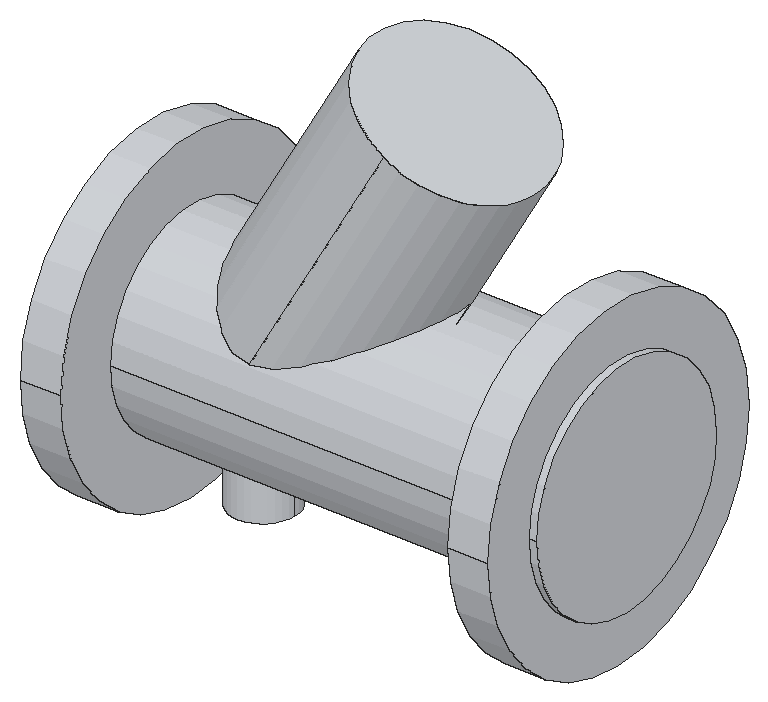
Revit family "HS 821-síto_jemné-PN40-DN100-RFA_2019", category Pipe Accessories, Revit 2019
Family settings
  Round Connector Dimension = Use Diameter
  Part Type = Breaks Into
  Work Plane-Based = No
  Always vertical = Yes
  Cut with Voids When Loaded = No
  Shared = No
Parameters (values of type "821F-DN100-PN40-síto_jemné")
  magiProductId = "8a45d4e8e2ab425f8c432f21d684f3"
  magiProductFamilyId = "79214ac3aaa945e397802f559f5c1e"
  magiPartTypeId = 307
  isMeasuringValve [instance] = no
  ang2D [instance] = 0.00°
  ZB__ve = -ZB  # -37.25 mm
  ZB1 = 65.61 mm
  ZB = 37.25 mm
  X2 = 114.857 mm
  X1 = 49 mm
  W2D = 15 mm
  VersionID = "2.0/2017.9.26.1/ZETKAMA_821_001"
  Use Minimum Symbol Size [instance] = yes
  URL = "www.hydronic.cz"
  Type Comments = "Filtr přírubový; síto jemné; A-PN16 (-10~300°C); D-PN25 (-10~350°C); F-PN40 (-10~400°C)"
  S = 162 mm
  QmdConnectorList = "301;D;302;D"
  Productdata [instance] = ""
  Manufacturer = "Hydronic Systems Prague s.r.o."
  MC Product Code = "250 690 (821F; DN100; PN40; kvs206,4; oko síta 0,63mm)"
  LM1 = 28 mm
  LM = 280 mm
  L4 = 87.5 mm
  L2D_Min = 3048 mm
  L2D = 130 mm
  L2 = 175 mm
  HH2 = 198.937 mm
  FD = 235 mm
  Description = "Filtr přírubový; síto jemné; 821A-PN16; 821D-PN25; 821F-PN40"
  DM1 = 131.4 mm
  DM = 145.8 mm
  D = 100 mm
  CC = 5.95 mm
  CAT0 = yes
  C1 = 29.05 mm
  C = 35 mm
  BD = 45.927 mm
Types (40, lengths in mm): name | magiProductId | ZB__ve | ZB1 | ZB | X2 | X1 | S | MC Product Code | LM1 | LM | L4 | L2 | HH2 | FD | DM1 | DM | D | CC | C1 | C | BD
  821A-DN015-PN16-síto_jemné | "a71bcfe8b393460598b23e8ddf7dc5" | -16.25 | 18.63 | 16.25 | 46.982 | 18.2 | 46 | "210 115 (821A; DN015; PN16; kvs6,2; oko síta 0,63mm)" | 10.4 | 104 | 32.5 | 65 | 81.375 | 95 | 27.6 | 41.4 | 15 | 2.21 | 10.79 | 13 | 13.041
  821A-DN020-PN16-síto_jemné | "41cd6c7a12924f4991217528336076" | -17.75 | 22.68 | 17.75 | 51.673 | 21 | 56 | "210 120 (821A; DN020; PN16; kvs9,6; oko síta 0,63mm)" | 12 | 120 | 37.5 | 75 | 89.5 | 105 | 33.6 | 50.4 | 20 | 2.55 | 12.45 | 15 | 15.876
  821A-DN025-PN16-síto_jemné | "be378b463ed14c3abf4c9b3ae8cf3a" | -19.25 | 26.325 | 19.25 | 58.601 | 22.4 | 65 | "210 125 (821A; DN025; PN16; kvs14,2; oko síta 0,63mm)" | 12.8 | 128 | 40 | 80 | 101.5 | 115 | 43.2 | 58.5 | 25 | 2.72 | 13.28 | 16 | 18.427
  821A-DN032-PN16-síto_jemné | "227a0d18b21540afabe8b6067d35fa" | -23 | 30.78 | 23 | 68.849 | 25.2 | 76 | "210 132 (821A; DN032; PN16; kvs23,1; oko síta 0,63mm)" | 14.4 | 144 | 45 | 90 | 119.25 | 140 | 50.4 | 68.4 | 32 | 3.06 | 14.94 | 18 | 21.546
  821A-DN040-PN16-síto_jemné | "d106917c74724141a10440112d0102" | -24.5 | 34.02 | 24.5 | 75.777 | 28 | 84 | "210 140 (821A; DN040; PN16; kvs36,6; oko síta 0,63mm)" | 16 | 160 | 50 | 100 | 131.25 | 150 | 60 | 75.6 | 40 | 3.4 | 16.6 | 20 | 23.814
  821A-DN050-PN16-síto_jemné | "8255d456a09e4f6486734f5dd9171b" | -26.75 | 40.095 | 26.75 | 79.061 | 32.2 | 99 | "210 150 (821A; DN050 PN16; kvs53,7; oko síta 0,63mm)" | 18.4 | 184 | 57.5 | 115 | 136.938 | 165 | 73.8 | 89.1 | 50 | 3.91 | 19.09 | 23 | 28.066
  821A-DN065-PN16-síto_jemné | "235b1b3e4c0843779a4d5e3716d40a" | -29.75 | 47.79 | 29.75 | 86.927 | 40.6 | 118 | "210 165 (821A; DN065; PN16; kvs95,1; oko síta 0,63mm)" | 23.2 | 232 | 72.5 | 145 | 150.562 | 185 | 94.2 | 106.2 | 65 | 4.93 | 24.07 | 29 | 33.453
  821A-DN080-PN16-síto_jemné | "a067f7c5236348ed8c820d16df7214" | -32 | 53.46 | 32 | 104.753 | 43.4 | 132 | "210 180 (821A; DN080; PN16; kvs137,1; oko síta 0,63mm)" | 24.8 | 248 | 77.5 | 155 | 181.438 | 200 | 107.4 | 118.8 | 80 | 5.27 | 25.73 | 31 | 37.422
  821A-DN100-PN16-síto_jemné | "c49a648c2747461285837d643703cd" | -35 | 63.18 | 35 | 114.857 | 49 | 156 | "210 190 (821A; DN100; PN16; kvs206,4; oko síta 0,63mm)" | 28 | 280 | 87.5 | 175 | 198.937 | 220 | 131.4 | 140.4 | 100 | 5.95 | 29.05 | 35 | 44.226
  821A-DN125-PN16-síto_jemné | "bf68e728a163493cbd2a663b26ebdc" | -39.5 | 74.52 | 39.5 | 131.888 | 56 | 184 | "210 191 (821A; DN125; PN16; kvs268,8; oko síta 0,63mm)" | 32 | 320 | 100 | 200 | 228.438 | 250 | 165 | 165.6 | 125 | 6.8 | 33.2 | 40 | 52.164
  821A-DN150-PN16-síto_jemné | "2de770284b654863ae6bc865769dc5" | -44.75 | 85.455 | 44.75 | 155.885 | 67.2 | 211 | "210 192 (821A; DN150; PN16; kvs401,4; oko síta 0,63mm)" | 38.4 | 384 | 120 | 240 | 270 | 285 | 192 | 189.9 | 150 | 8.16 | 39.84 | 48 | 59.818
  821A-DN200-PN16-síto_jemné | "8e5693371ab64aabb29a7f08c76e15" | -53 | 107.73 | 53 | 188.361 | 84 | 266 | "210 193 (821A; DN200; PN16; kvs706,7; oko síta 0,63mm)" | 48 | 480 | 150 | 300 | 326.25 | 340 | 252 | 239.4 | 200 | 10.2 | 49.8 | 60 | 75.411
  821A-DN250-PN16-síto_jemné | "05e37ed948c34047acdd4c42556504" | -62.75 | 129.195 | 62.75 | 255.911 | 102.2 | 319 | "210 194 (821A; DN250; PN16; kvs1229,4; oko síta 0,63mm)" | 58.4 | 584 | 182.5 | 365 | 443.25 | 405 | 309.6 | 287.1 | 250 | 12.41 | 60.59 | 73 | 90.436
  821A-DN300-PN16-síto_jemné | "9ad0af747269428da925480d83ce80" | -71 | 149.85 | 71 | 325.914 | 119 | 370 | "210 195 (821A; DN300; PN16; kvs1902,4; oko síta 0,63mm)" | 68 | 680 | 212.5 | 425 | 564.5 | 460 | 369.6 | 333 | 300 | 14.45 | 70.55 | 85 | 104.895
  821A-DN350-PN16-síto_jemné | "eebc71459bb3451bb4355e7951370a" | -80 | 173.745 | 80 | 356.875 | 137.2 | 429 | "200 196 (821A; DN350; PN16; kvs2611,0; oko síta 0,63mm)" | 78.4 | 784 | 245 | 490 | 618.125 | 520 | 438 | 386.1 | 350 | 16.66 | 81.34 | 98 | 121.621
  821A-DN400-PN16-síto_jemné | "d2f677cb196647e385b2590e7d8abe" | -89 | 194.4 | 89 | 392.237 | 154 | 480 | "210 197 (821A; DN400; PN16; kvs3438,4; oko síta 0,63mm)" | 88 | 880 | 275 | 550 | 679.375 | 580 | 498 | 432 | 400 | 18.7 | 91.3 | 110 | 136.08
  821D-DN015-PN25-síto_jemné | "27ddcbf555414f8ca1fde329bf9087" | -16.25 | 18.63 | 16.25 | 46.982 | 18.2 | 46 | "210 215 (821D; DN015; PN25; kvs6,2; oko síta 0,63mm)" | 10.4 | 104 | 32.5 | 65 | 81.375 | 95 | 27.6 | 41.4 | 15 | 2.21 | 10.79 | 13 | 13.041
  821D-DN020-PN25-síto_jemné | "270e0f14012f47189cd0235c18faee" | -17.75 | 22.68 | 17.75 | 51.673 | 21 | 56 | "210 220 (821D; DN020; PN25; kvs9,6; oko síta 0,63mm)" | 12 | 120 | 37.5 | 75 | 89.5 | 105 | 33.6 | 50.4 | 20 | 2.55 | 12.45 | 15 | 15.876
  821D-DN025-PN25-síto_jemné | "b9a7fb4aa36643878c637d8e1ab992" | -19.25 | 26.325 | 19.25 | 58.601 | 22.4 | 65 | "210 225 (821D; DN025; PN25; kvs14,2; oko síta 0,63mm)" | 12.8 | 128 | 40 | 80 | 101.5 | 115 | 43.2 | 58.5 | 25 | 2.72 | 13.28 | 16 | 18.427
  821D-DN032-PN25-síto_jemné | "6be9a55c4e68400f94eec7e804204c" | -23 | 30.78 | 23 | 68.849 | 25.2 | 76 | "210 232 (821D; DN032; PN25; kvs23,1; oko síta 0,63mm)" | 14.4 | 144 | 45 | 90 | 119.25 | 140 | 50.4 | 68.4 | 32 | 3.06 | 14.94 | 18 | 21.546
  821D-DN040-PN25-síto_jemné | "c54511bd7f584ec2984291479612cb" | -24.5 | 34.02 | 24.5 | 75.777 | 28 | 84 | "210 240 (821D; DN040; PN25; kvs36,6; oko síta 0,63mm)" | 16 | 160 | 50 | 100 | 131.25 | 150 | 60 | 75.6 | 40 | 3.4 | 16.6 | 20 | 23.814
  821D-DN050-PN25-síto_jemné | "5483b1f596b04cd39b23a14a22c90e" | -26.75 | 40.095 | 26.75 | 79.061 | 32.2 | 99 | "210 250 (821D; DN050; PN25; kvs53,7; oko síta 0,63mm)" | 18.4 | 184 | 57.5 | 115 | 136.938 | 165 | 73.8 | 89.1 | 50 | 3.91 | 19.09 | 23 | 28.066
  821D-DN065-PN25-síto_jemné | "767b0f8318e94750bc7a9930ed5b30" | -29.75 | 47.79 | 29.75 | 86.927 | 40.6 | 118 | "210 265 (821D; DN065; PN25; kvs95,1; oko síta 0,63mm)" | 23.2 | 232 | 72.5 | 145 | 150.562 | 185 | 94.2 | 106.2 | 65 | 4.93 | 24.07 | 29 | 33.453
  821D-DN080-PN25-síto_jemné | "e21040fa3cc2404b858198f6b73709" | -32 | 53.46 | 32 | 104.753 | 43.4 | 132 | "210 280 (821D; DN080; PN25; kvs137,1; oko síta 0,63mm)" | 24.8 | 248 | 77.5 | 155 | 181.438 | 200 | 107.4 | 118.8 | 80 | 5.27 | 25.73 | 31 | 37.422
  821D-DN100-PN25-síto_jemné | "175ca87a506b40b3bc6b82f12f33cf" | -37.25 | 63.18 | 37.25 | 114.857 | 49 | 156 | "210 290 (821D; DN100; PN25; kvs206,4; oko síta 0,63mm)" | 28 | 280 | 87.5 | 175 | 198.937 | 235 | 131.4 | 140.4 | 100 | 5.95 | 29.05 | 35 | 44.226
  821D-DN125-PN25-síto_jemné | "77cc98d60da24855999a22dff726b2" | -42.5 | 74.52 | 42.5 | 131.888 | 56 | 184 | "210 291 (821D; DN125; PN25; kvs268,8; oko síta 0,63mm)" | 32 | 320 | 100 | 200 | 228.438 | 270 | 165 | 165.6 | 125 | 6.8 | 33.2 | 40 | 52.164
  821D-DN150-PN25-síto_jemné | "9cf8acfcd15547d68e83172d3abcbe" | -47 | 85.455 | 47 | 155.885 | 67.2 | 211 | "210 292 (821D; DN150; PN25; kvs401,4; oko síta 0,63mm)" | 38.4 | 384 | 120 | 240 | 270 | 300 | 192 | 189.9 | 150 | 8.16 | 39.84 | 48 | 59.818
  821D-DN200-PN25-síto_jemné | "16973f3c9ea14389ba8602495a6b64" | -56 | 110.97 | 56 | 188.361 | 84 | 274 | "210 293 (821D; DN200; PN25; kvs706,7; oko síta 0,63mm)" | 48 | 480 | 150 | 300 | 326.25 | 360 | 252 | 246.6 | 200 | 10.2 | 49.8 | 60 | 77.679
  821F-DN015-PN40-síto_jemné | "4c7eaf3c4c0340888b3e684d8a8616" | -16.25 | 18.225 | 16.25 | 46.982 | 18.2 | 45 | "250 615 (821F; DN015; PN40; kvs6,2; oko síta 0,63mm)" | 10.4 | 104 | 32.5 | 65 | 81.375 | 95 | 27.6 | 40.5 | 15 | 2.21 | 10.79 | 13 | 12.757
  821F-DN020-PN40-síto_jemné | "aaac5f1ec96b44d6ba96ac2293d66d" | -17.75 | 23.49 | 17.75 | 51.673 | 21 | 58 | "250 620 (821F; DN020; PN40; kvs9,6; oko síta 0,63mm)" | 12 | 120 | 37.5 | 75 | 89.5 | 105 | 33.6 | 52.2 | 20 | 2.55 | 12.45 | 15 | 16.443
  821F-DN025-PN40-síto_jemné | "504768023968471481789485b54c7e" | -19.25 | 27.54 | 19.25 | 58.601 | 22.4 | 68 | "250 625 (821F; DN025; PN40; kvs14,2; oko síta 0,63mm)" | 12.8 | 128 | 40 | 80 | 101.5 | 115 | 43.2 | 61.2 | 25 | 2.72 | 13.28 | 16 | 19.278
  821F-DN032-PN40-síto_jemné | "165e7f39cf744f329bdf1c400dad12" | -23 | 31.59 | 23 | 68.849 | 25.2 | 78 | "250 632 (821F; DN032; PN40; kvs23,1; oko síta 0,63mm)" | 14.4 | 144 | 45 | 90 | 119.25 | 140 | 50.4 | 70.2 | 32 | 3.06 | 14.94 | 18 | 22.113
  821F-DN040-PN40-síto_jemné | "b8903f952089408fbf3a5a632bab1f" | -24.5 | 35.64 | 24.5 | 75.777 | 28 | 88 | "250 640 (821F; DN040; PN40; kvs36,6; oko síta 0,63mm)" | 16 | 160 | 50 | 100 | 131.25 | 150 | 60 | 79.2 | 40 | 3.4 | 16.6 | 20 | 24.948
  821F-DN050-PN40-síto_jemné | "c451f97266fe48da8f879cb6a2bd44" | -26.75 | 41.31 | 26.75 | 79.061 | 32.2 | 102 | "250 650 (821F; DN050; PN40; kvs53,7; oko síta 0,63mm)" | 18.4 | 184 | 57.5 | 115 | 136.938 | 165 | 73.8 | 91.8 | 50 | 3.91 | 19.09 | 23 | 28.917
  821F-DN065-PN40-síto_jemné | "dc9821e3f9b34e128f6a8c6b34c198" | -29.75 | 49.41 | 29.75 | 86.927 | 40.6 | 122 | "250 665 (821F; DN065; PN40; kvs95,1; oko síta 0,63mm)" | 23.2 | 232 | 72.5 | 145 | 150.562 | 185 | 94.2 | 109.8 | 65 | 4.93 | 24.07 | 29 | 34.587
  821F-DN080-PN40-síto_jemné | "689aa1e260f84cf4994f027a1d86b5" | -32 | 55.89 | 32 | 104.753 | 43.4 | 138 | "250 680 (821F; DN080; PN40; kvs137,1; oko síta 0,63mm)" | 24.8 | 248 | 77.5 | 155 | 181.438 | 200 | 107.4 | 124.2 | 80 | 5.27 | 25.73 | 31 | 39.123
  821F-DN100-PN40-síto_jemné | "8a45d4e8e2ab425f8c432f21d684f3" | -37.25 | 65.61 | 37.25 | 114.857 | 49 | 162 | "250 690 (821F; DN100; PN40; kvs206,4; oko síta 0,63mm)" | 28 | 280 | 87.5 | 175 | 198.937 | 235 | 131.4 | 145.8 | 100 | 5.95 | 29.05 | 35 | 45.927
  821F-DN125-PN40-síto_jemné | "cf073904c006406b8645afa67ea2fc" | -42.5 | 76.14 | 42.5 | 131.888 | 56 | 188 | "250 691 (821F; DN125; PN40; kvs268,8; oko síta 0,63mm)" | 32 | 320 | 100 | 200 | 228.438 | 270 | 165 | 169.2 | 125 | 6.8 | 33.2 | 40 | 53.298
  821F-DN150-PN40-síto_jemné | "0153b9ddabe14992a630484929fdbc" | -47 | 88.29 | 47 | 155.885 | 67.2 | 218 | "250 692 (821F; DN150; PN40; kvs401,4; oko síta 0,63mm)" | 38.4 | 384 | 120 | 240 | 270 | 300 | 192 | 196.2 | 150 | 8.16 | 39.84 | 48 | 61.803
  821F-DN200-PN40-síto_jemné | "7fb3fc01dd8d42428c203e3f8dd4d5" | -56 | 115.425 | 56 | 188.361 | 84 | 285 | "250 693 (821F; DN200; PN40; kvs706,7; oko síta 0,63mm)" | 48 | 480 | 150 | 300 | 326.25 | 360 | 252 | 256.5 | 200 | 10.2 | 49.8 | 60 | 80.797
Reference planes
  plane 1 "Center (Front/Back)": y = 0
  plane 2 "XYPLANE": z = 0
  plane 3 "Center (Left/Right)": x = 0
  plane 4 "109": x = -112
  plane 5 "108": x = 140
  plane 6 "107": x = -140
  plane 7 "105": x = 175
  plane 8 "104": x = -175
  plane 9 "103": y = 0
  plane 10 "102": z = 0
  plane 11 "101": x = -169.05
  plane 12 "100": x = 169.05
  plane 13 "11": x = -63
  plane 14 "10": z = 198.937
  plane 15 "9": x = 51.857
  plane 16 "5": z = -65.61
  plane 17 "4": x = -87.5
  plane 18 "1": x = 87.5
Forms (mm)
  Extrusion 1, solid, visible <- "CAT0"
    sketch origin (-140, -750, 0) x (0, 1, 0) y (0, 0, 1)
      loop
        circle (750, 0) r 72.9
    from 0 to 280 <- "LM"
  Extrusion 2, solid
    sketch origin (-175, -750, 0) x (0, 1, 0) y (0, 0, 1)
      loop
        circle (750, 0) r 81
    from 0 to 5.95 <- "CC"
  Extrusion 3, solid
    sketch origin (-169.05, -750, 0) x (0, 1, 0) y (0, 0, 1)
      loop
        circle (750, 0) r 117.5
    from 0 to 29.05 <- "C1"
  Extrusion 4, solid
    sketch origin (140, -750, 0) x (0, 1, 0) y (0, 0, 1)
      loop
        circle (750, 0) r 117.5
    from 0 to 29.05 <- "C1"
  Extrusion 5, solid
    sketch origin (169.05, -750, 0) x (0, 1, 0) y (0, 0, 1)
      loop
        circle (750, 0) r 81
    from 0 to 5.95 <- "CC"
  Sweep 6, solid, visible <- "CAT0"
    path origin (750, 0, 0) x (-1, 0, 0) y (0, 0, 1)
      loop
        line (890, 0) -> (813, 0) -> (698.143, 198.937)
    profile origin (-140, 0, 0) x (0, 0, -1) y (0, 1, 0)
      loop
        circle (0, 0) r 65.7
  Extrusion 7, solid, visible <- "CAT0"
    sketch origin (-750, 0, -65.61) x (1, 0, 0) y (0, 1, 0)
      loop
        circle (662.5, 0) r 22.963
    from 0 to -37.25 <- "ZB__ve"
  Extrusion 8, solid, visible <- "CAT0"
    sketch origin (-750, 0, -65.61) x (1, 0, 0) y (0, 1, 0)
      loop
        circle (837.5, 0) r 22.963
    from 0 to -37.25 <- "ZB__ve"
  Extrusion 9, solid, not visible
    sketch origin (175, -750, 0) x (0, 1, 0) y (0, 0, 1)
      loop
        circle (750, 0) r 10
    from 0 to -10
  Extrusion 10, solid, not visible
    sketch origin (-175, -750, 0) x (0, 1, 0) y (0, 0, 1)
      loop
        circle (750, 0) r 10
    from 0 to 10
Lines and regions (mm)
  reference lines, not visible
    curve 1: circle (2, 2, 0) r 1 normal (0, 0, 1)
Dimensions and locks
  plane 1 "Center (Front/Back)" to curve 1 = 2 mm
  "LM1": plane 6 "107" to plane 4 "109"
  "LM": plane 6 "107" to plane 5 "108"
  "C": plane 8 "104" to plane 6 "107"
  "L2": plane 3 "Center (Left/Right)" to plane 7 "105"
  "L2": plane 3 "Center (Left/Right)" to plane 8 "104"
  locked: plane 1 "Center (Front/Back)" to plane 9 "103"
  locked: plane 2 "XYPLANE" to plane 10 "102"
  "CC": plane 8 "104" to plane 11 "101"
  "C1": plane 5 "108" to plane 12 "100"
  "X1": plane 4 "109" to plane 13 "11"
  "HH2": plane 2 "XYPLANE" to plane 14 "10"
  "X2": plane 13 "11" to plane 15 "9"
  "ZB1": plane 2 "XYPLANE" to plane 16 "5"
  "L4": plane 8 "104" to plane 17 "4"
  "L2": plane 17 "4" to plane 18 "1"
  Sweep 6 sketch curve to Sweep 6 sketch curve = 0 mm  (x2)
  "DM": diameter of Extrusion 1 sketch curve
  "S": diameter of Extrusion 2 sketch curve
  "FD": diameter of Extrusion 3 sketch curve
  "FD": diameter of Extrusion 4 sketch curve
  "S": diameter of Extrusion 5 sketch curve
  "DM1": diameter of Sweep 6 sketch curve
  "BD": diameter of Extrusion 7 sketch curve
  "BD": diameter of Extrusion 8 sketch curve
  aligned and locked: level to plane 2 "XYPLANE"
  aligned and locked: Extrusion 1 sketch curve to plane 9 "103"
  aligned and locked: plane 10 "102" to Extrusion 1 sketch curve
  aligned and locked: Extrusion 2 sketch curve to plane 9 "103"
  aligned and locked: plane 10 "102" to Extrusion 2 sketch curve
  aligned and locked: Extrusion 3 sketch curve to plane 9 "103"
  aligned and locked: plane 10 "102" to Extrusion 3 sketch curve
  aligned and locked: Extrusion 4 sketch curve to plane 9 "103"
  aligned and locked: plane 10 "102" to Extrusion 4 sketch curve
  aligned and locked: Extrusion 5 sketch curve to plane 9 "103"
  aligned and locked: plane 10 "102" to Extrusion 5 sketch curve
  aligned and locked: Sweep 6 sketch curve to plane 9 "103"
  aligned and locked: plane 10 "102" to Sweep 6 sketch curve  (x3)
  aligned and locked: plane 6 "107" to Sweep 6 sketch curve
  aligned and locked: plane 13 "11" to Sweep 6 sketch curve
  aligned and locked: plane 14 "10" to Sweep 6 sketch curve
  aligned and locked: plane 15 "9" to Sweep 6 sketch curve
  aligned and locked: plane 9 "103" to Extrusion 7 sketch curve
  aligned and locked: plane 17 "4" to Extrusion 7 sketch curve
  aligned and locked: plane 9 "103" to Extrusion 8 sketch curve
  aligned and locked: plane 18 "1" to Extrusion 8 sketch curve
  aligned and locked: Extrusion 9 sketch curve to plane 9 "103"
  aligned and locked: plane 10 "102" to Extrusion 9 sketch curve
  aligned and locked: Extrusion 10 sketch curve to plane 9 "103"
  aligned and locked: plane 10 "102" to Extrusion 10 sketch curve
Automatic sketch dimensions
  plane 1 "Center (Front/Back)" to Extrusion 9 sketch curve = 10 mm
  plane 1 "Center (Front/Back)" to Extrusion 10 sketch curve = 10 mm
  plane 3 "Center (Left/Right)" to curve 1 = 2 mm
  radius of curve 1 = 1 mm
Connectors
  piping at (-175, 0, 0), diameter 100, driven by "D"
    settings: on Extrusion 10, index 1, connector inside diameter 609.6 mm, connector length 0 mm, flow factor 0, pipe flow 0.0 L/s, pressure drop 0.0 Pa, fitting loss kfactor 0, connector angle 0.00°, fixture units 0, engagement length 0 mm, angle of deflection 0.00°, flow configuration 0, flow direction 0, fitting loss method 0, system type 29, joint type 0, gender type 0, connector reference index 2, connector utility 0, adjustable connector no, is connector primary yes, connector description ""
  piping at (175, 0, 0), diameter 100, driven by "D"
    settings: on Extrusion 9, index 2, connector inside diameter 609.6 mm, connector length 0 mm, flow factor 0, pipe flow 0.0 L/s, pressure drop 0.0 Pa, fitting loss kfactor 0, connector angle 0.00°, fixture units 0, engagement length 0 mm, angle of deflection 0.00°, flow configuration 0, flow direction 0, fitting loss method 0, system type 29, joint type 0, gender type 0, connector reference index 1, connector utility 0, adjustable connector no, is connector primary no, connector description ""
